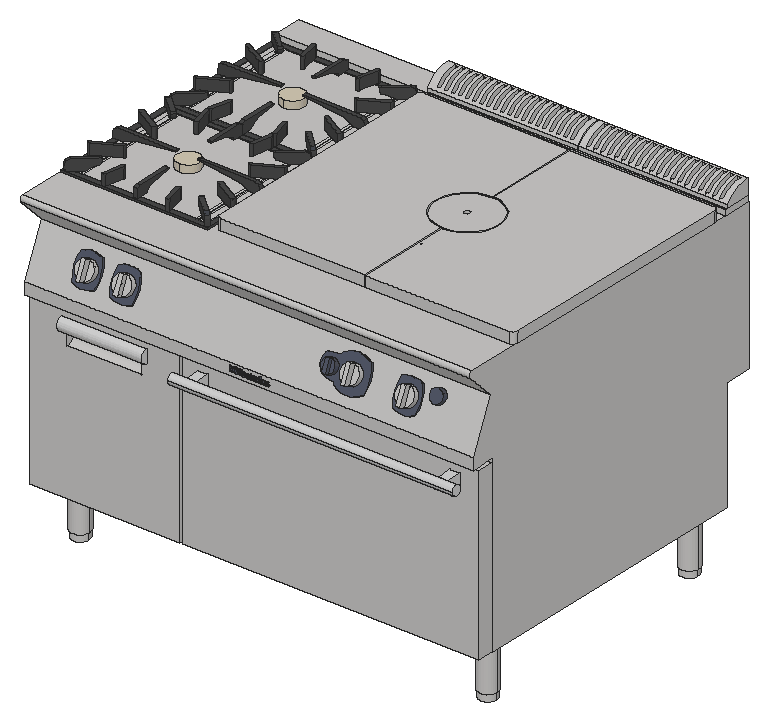
Revit family "QF_ELECTROLUXPROFESSIONAL_391021_E9STGL3010", category Specialty Equipment, Revit 2018 (continued)
Automatic sketch dimensions
  Revolve 4 sketch curve to plane 9 "Base" = 0 mm  (x2)
  Revolve 4 sketch curve to level = 0 mm
  Revolve 4 sketch curve to plane 4 "RIGHT" = 30.6 mm
  Revolve 4 sketch curve to Revolve 4 sketch curve = 2.5 mm
  Revolve 4 sketch curve to Revolve 4 sketch curve = 25.4 mm
  Revolve 4 sketch curve to Revolve 4 sketch curve = 0 mm
  plane 9 "Base" to Revolve 4 sketch curve = 20 mm
  level to Revolve 4 sketch curve = 19.05 mm
  Extrusion 5 sketch curve to plane 10 = 0 mm
  Extrusion 5 sketch curve to plane 9 "Base" = 0 mm
  Extrusion 5 sketch curve to plane 1 "BACK" = 0 mm
  Extrusion 5 sketch curve to plane 12 = 52.222 mm
  Extrusion 5 sketch curve to Extrusion 5 sketch curve = 3.175 mm
  Extrusion 5 sketch curve to Extrusion 5 sketch curve = 0.442 mm
  Extrusion 5 sketch curve to plane 12 = 58.266 mm
  Extrusion 5 sketch curve to plane 5 "FRONT" = 14.167 mm
  Extrusion 5 sketch curve to plane 5 "FRONT" = 8.63 mm
  Extrusion 5 sketch curve to plane 5 "FRONT" = 2.528 mm
  Extrusion 5 sketch curve to plane 10 = 240.721 mm
  Extrusion 5 sketch curve to Extrusion 5 sketch curve = 1.552 mm
  Extrusion 5 sketch curve to Extrusion 5 sketch curve = 31.298 mm
  Extrusion 5 sketch curve to plane 10 = 84.067 mm
  Extrusion 5 sketch curve to plane 10 = 14.732 mm
  Extrusion 6 sketch curve to Extrusion 5 = 0 mm  (x3)
  Extrusion 5 to Extrusion 6 sketch curve = 0 mm
  Extrusion 5 to Extrusion 6 sketch curve = 95.781 mm
  Extrusion 5 to Extrusion 6 sketch curve = 44.981 mm
  Extrusion 5 to Extrusion 6 sketch curve = 9.61 mm  (x2)
  Extrusion 5 to Extrusion 6 sketch curve = 100.253 mm
  Extrusion 6 sketch curve to Extrusion 6 sketch curve = 200.547 mm
  Extrusion 6 sketch curve to Extrusion 6 sketch curve = 99.7 mm
  Extrusion 6 sketch curve to Extrusion 6 sketch curve = 8 mm
  Extrusion 7 sketch curve to plane 10 = 0 mm
  Extrusion 7 sketch curve to plane 1 "BACK" = 0 mm
  plane 10 to Extrusion 7 sketch curve = 14.288 mm
  Extrusion 7 sketch curve to plane 11 = 49.8 mm
  Extrusion 9 sketch curve to plane 9 "Base" = 0 mm
  plane 5 "FRONT" to Extrusion 9 sketch curve = 378.871 mm
  Extrusion 9 sketch curve to plane 5 "FRONT" = 30.129 mm
  Extrusion 9 sketch curve to Extrusion 9 sketch curve = 44.603 mm
  plane 5 "FRONT" to Extrusion 10 sketch curve = 0 mm  (x2)
  Extrusion 10 sketch curve to plane 3 "LEFT" = 0 mm
  plane 1 "BACK" to Extrusion 10 sketch curve = 0 mm
  Extrusion 10 sketch curve to plane 4 "RIGHT" = 0 mm
  Extrusion 10 sketch curve to plane 3 "LEFT" = 100 mm
  plane 4 "RIGHT" to Extrusion 10 sketch curve = 100 mm
  Extrusion 10 sketch curve to plane 1 "BACK" = 100 mm
  plane 5 "FRONT" to Extrusion 11 sketch curve = 22.852 mm
  Extrusion 11 sketch curve to Extrusion 11 sketch curve = 0 mm  (x2)
  Extrusion 11 sketch curve to Extrusion 11 sketch curve = 1.139 mm
  Extrusion 11 sketch curve to Extrusion 11 sketch curve = 3.102 mm
  Extrusion 11 sketch curve to Extrusion 11 sketch curve = 4.033 mm
  Extrusion 11 sketch curve to Extrusion 11 sketch curve = 4.436 mm
  Extrusion 11 sketch curve to Extrusion 11 sketch curve = 5.898 mm
  plane 5 "FRONT" to Extrusion 11 sketch curve = 8.549 mm
  Extrusion 11 sketch curve to plane 5 "FRONT" = 30.129 mm
  Extrusion 11 sketch curve to plane 10 = 298.908 mm
  Extrusion 11 sketch curve to Extrusion 11 sketch curve = 3.343 mm
  Extrusion 11 sketch curve to Extrusion 11 sketch curve = 2.066 mm
  Extrusion 11 sketch curve to Extrusion 11 sketch curve = 5.312 mm
  Extrusion 11 sketch curve to Extrusion 11 sketch curve = 28.009 mm
  plane 5 "FRONT" to Extrusion 12 sketch curve = 22.852 mm
  Extrusion 12 sketch curve to Extrusion 12 sketch curve = 0 mm  (x2)
  Extrusion 12 sketch curve to Extrusion 12 sketch curve = 1.139 mm
  Extrusion 12 sketch curve to Extrusion 12 sketch curve = 3.102 mm
  Extrusion 12 sketch curve to Extrusion 12 sketch curve = 4.033 mm
  Extrusion 12 sketch curve to Extrusion 12 sketch curve = 4.436 mm
  Extrusion 12 sketch curve to Extrusion 12 sketch curve = 5.898 mm
  plane 5 "FRONT" to Extrusion 12 sketch curve = 8.549 mm
  Extrusion 12 sketch curve to plane 5 "FRONT" = 30.129 mm
  Extrusion 12 sketch curve to plane 10 = 270.899 mm
  Extrusion 12 sketch curve to Extrusion 12 sketch curve = 2.705 mm
  Extrusion 12 sketch curve to Extrusion 12 sketch curve = 5.987 mm
  Extrusion 12 sketch curve to Extrusion 12 sketch curve = 5.312 mm
  Extrusion 12 sketch curve to Extrusion 12 sketch curve = 28.009 mm
  plane 5 "FRONT" to Extrusion 13 sketch curve = 19.749 mm
  Extrusion 13 sketch curve to plane 10 = 279.591 mm
  Extrusion 14 sketch curve to plane 5 "FRONT" = 30.129 mm
  Extrusion 14 sketch curve to plane 10 = 302.451 mm
  Extrusion 14 sketch curve to Extrusion 14 sketch curve = 8.275 mm  (x2)
  Extrusion 14 sketch curve to Extrusion 14 sketch curve = 15.737 mm
  Extrusion 15 sketch curve to plane 5 "FRONT" = 27.352 mm
  Extrusion 15 sketch curve to Extrusion 15 sketch curve = 2.777 mm
  Extrusion 15 sketch curve to Extrusion 15 sketch curve = 24.63 mm
  Extrusion 15 sketch curve to Extrusion 15 sketch curve = 21.059 mm
  Extrusion 15 sketch curve to plane 10 = 334.95 mm
  Extrusion 15 sketch curve to Extrusion 15 sketch curve = 26.327 mm
  Extrusion 17 sketch curve to Extrusion 17 sketch curve = 0 mm  (x2)
  plane 13 to Extrusion 17 sketch curve = 66.129 mm
  Extrusion 17 sketch curve to Extrusion 17 sketch curve = 7 mm
  plane 7 "Center Y" to Extrusion 17 sketch curve = 202.6 mm
  Extrusion 18 sketch curve to plane 4 "RIGHT" = 227.404 mm
  Extrusion 18 sketch curve to Extrusion 18 sketch curve = 0 mm
  Extrusion 18 sketch curve to Extrusion 18 sketch curve = 12.3 mm  (x3)
  Extrusion 18 sketch curve to Extrusion 18 sketch curve = 34.925 mm  (x2)
  Extrusion 18 sketch curve to Extrusion 18 sketch curve = 46.691 mm
  Extrusion 18 sketch curve to Extrusion 18 sketch curve = 0.617 mm
  Extrusion 18 sketch curve to Extrusion 18 sketch curve = 28.57 mm
  Extrusion 18 sketch curve to Extrusion 18 sketch curve = 29.185 mm
  Extrusion 20 sketch curve to Extrusion 20 sketch curve = 24.732 mm
  Extrusion 20 sketch curve to Extrusion 20 sketch curve = 0 mm
  Extrusion 21 sketch curve to plane 4 "RIGHT" = 122.817 mm
  Extrusion 22 sketch curve to Extrusion 22 sketch curve = 0 mm  (x2)
  plane 7 "Center Y" to Extrusion 22 sketch curve = 223.359 mm
  Extrusion 22 sketch curve to Extrusion 22 sketch curve = 112.63 mm
  Extrusion 22 sketch curve to Extrusion 22 sketch curve = 1.398 mm
  Extrusion 22 sketch curve to Extrusion 22 sketch curve = 5.918 mm
  Extrusion 22 sketch curve to Extrusion 22 sketch curve = 7.825 mm
  Extrusion 22 sketch curve to Extrusion 22 sketch curve = 12.433 mm
  Extrusion 22 sketch curve to Extrusion 22 sketch curve = 33.329 mm
  Extrusion 22 sketch curve to Extrusion 22 sketch curve = 28.808 mm
  Extrusion 22 sketch curve to Extrusion 22 sketch curve = 2.986 mm
  Extrusion 22 sketch curve to Extrusion 22 sketch curve = 35.441 mm
  Extrusion 22 sketch curve to Extrusion 22 sketch curve = 23.969 mm
  Extrusion 22 sketch curve to Extrusion 22 sketch curve = 31.993 mm
  Extrusion 22 sketch curve to Extrusion 22 sketch curve = 0.131 mm
  Extrusion 22 sketch curve to Extrusion 22 sketch curve = 36.738 mm
  Extrusion 22 sketch curve to Extrusion 22 sketch curve = 6.105 mm
  Extrusion 22 sketch curve to Extrusion 22 sketch curve = 30.968 mm
  Extrusion 22 sketch curve to Extrusion 22 sketch curve = 0.002 mm
  Extrusion 22 sketch curve to Extrusion 22 sketch curve = 38.412 mm
  Extrusion 22 sketch curve to Extrusion 22 sketch curve = 39.831 mm
  Extrusion 22 sketch curve to Extrusion 22 sketch curve = 6.427 mm
  Extrusion 22 sketch curve to Extrusion 22 sketch curve = 11.842 mm
  Extrusion 24 sketch curve to Extrusion 24 sketch curve = 24.732 mm
  Extrusion 24 sketch curve to Extrusion 24 sketch curve = 0 mm
  Extrusion 26 sketch curve to Extrusion 26 sketch curve = 0 mm
  Extrusion 26 sketch curve to Extrusion 26 sketch curve = 7.232 mm  (x3)
  Extrusion 26 sketch curve to Extrusion 26 sketch curve = 17.5 mm
  Extrusion 26 sketch curve to Extrusion 26 sketch curve = 5.786 mm
  plane 3 "LEFT" to Extrusion 27 sketch curve = 117.596 mm
  Extrusion 27 sketch curve to Extrusion 27 sketch curve = 0 mm
  Extrusion 27 sketch curve to Extrusion 27 sketch curve = 12.3 mm  (x3)
  Extrusion 27 sketch curve to Extrusion 27 sketch curve = 34.925 mm  (x2)
  Extrusion 27 sketch curve to Extrusion 27 sketch curve = 46.691 mm
  Extrusion 27 sketch curve to Extrusion 27 sketch curve = 0.617 mm
  Extrusion 27 sketch curve to Extrusion 27 sketch curve = 28.57 mm
  Extrusion 27 sketch curve to Extrusion 27 sketch curve = 29.185 mm
  Extrusion 29 sketch curve to Extrusion 29 sketch curve = 24.732 mm
  Extrusion 29 sketch curve to Extrusion 29 sketch curve = 0 mm
  plane 3 "LEFT" to Extrusion 30 sketch curve = 217.596 mm
  Extrusion 30 sketch curve to Extrusion 30 sketch curve = 0 mm
  Extrusion 30 sketch curve to Extrusion 30 sketch curve = 12.3 mm  (x3)
  Extrusion 30 sketch curve to Extrusion 30 sketch curve = 34.925 mm  (x2)
  Extrusion 30 sketch curve to Extrusion 30 sketch curve = 46.691 mm
  Extrusion 30 sketch curve to Extrusion 30 sketch curve = 0.617 mm
  Extrusion 30 sketch curve to Extrusion 30 sketch curve = 28.57 mm
  Extrusion 30 sketch curve to Extrusion 30 sketch curve = 29.185 mm
  Extrusion 32 sketch curve to Extrusion 32 sketch curve = 24.732 mm
  Extrusion 32 sketch curve to Extrusion 32 sketch curve = 0 mm
  Extrusion 33 sketch curve to plane 4 "RIGHT" = 14.847 mm
  Extrusion 33 sketch curve to Extrusion 33 sketch curve = 9.296 mm  (x20)
  Extrusion 33 sketch curve to Extrusion 33 sketch curve = 9.397 mm  (x19)
  plane 1 "BACK" to Extrusion 33 sketch curve = 6.761 mm  (x20)
  Extrusion 33 sketch curve to Extrusion 33 sketch curve = 57.15 mm
  Extrusion 33 sketch curve to Extrusion 33 sketch curve = 0 mm  (x19)
  Extrusion 34 sketch curve to plane 1 "BACK" = 0 mm
  Extrusion 34 sketch curve to plane 6 "TOP" = 0 mm
  plane 1 "BACK" to Extrusion 34 sketch curve = 1.769 mm
  plane 10 to Extrusion 34 sketch curve = 23.813 mm
  plane 1 "BACK" to Extrusion 34 sketch curve = 69.85 mm
  plane 10 to Extrusion 34 sketch curve = 14.288 mm
  plane 7 "Center Y" to Extrusion 35 sketch curve = 21.292 mm
  Extrusion 35 sketch curve to plane 10 = 235.567 mm
  Extrusion 35 sketch curve to plane 7 "Center Y" = 13.807 mm
  Extrusion 35 sketch curve to Extrusion 35 sketch curve = 5.041 mm
  plane 7 "Center Y" to Extrusion 35 sketch curve = 5.969 mm
  Extrusion 35 sketch curve to Extrusion 35 sketch curve = 5.06 mm
  Extrusion 35 sketch curve to Extrusion 35 sketch curve = 0 mm  (x27)
  Extrusion 35 sketch curve to Extrusion 35 sketch curve = 5.108 mm  (x2)
  Extrusion 35 sketch curve to Extrusion 35 sketch curve = 0.054 mm
  Extrusion 35 sketch curve to Extrusion 35 sketch curve = 0.218 mm
  Extrusion 35 sketch curve to Extrusion 35 sketch curve = 0.195 mm
  Extrusion 35 sketch curve to Extrusion 35 sketch curve = 0.249 mm
  Extrusion 35 sketch curve to Extrusion 35 sketch curve = 0.316 mm
  Extrusion 35 sketch curve to Extrusion 35 sketch curve = 0.087 mm
  Extrusion 35 sketch curve to Extrusion 35 sketch curve = 0.358 mm
  Extrusion 35 sketch curve to Extrusion 35 sketch curve = 0.481 mm
  Extrusion 35 sketch curve to Extrusion 35 sketch curve = 0.597 mm
  Extrusion 35 sketch curve to Extrusion 35 sketch curve = 0.544 mm
  Extrusion 35 sketch curve to Extrusion 35 sketch curve = 0.936 mm
  Extrusion 35 sketch curve to Extrusion 35 sketch curve = 0.594 mm
  Extrusion 35 sketch curve to Extrusion 35 sketch curve = 0.343 mm
  Extrusion 35 sketch curve to Extrusion 35 sketch curve = 0.159 mm
  Extrusion 35 sketch curve to Extrusion 35 sketch curve = 0.826 mm
  Extrusion 35 sketch curve to Extrusion 35 sketch curve = 0.839 mm
  Extrusion 35 sketch curve to Extrusion 35 sketch curve = 0.852 mm
  Extrusion 35 sketch curve to Extrusion 35 sketch curve = 0.887 mm
  Extrusion 35 sketch curve to Extrusion 35 sketch curve = 0.928 mm
  Extrusion 35 sketch curve to Extrusion 35 sketch curve = 0.938 mm
  Extrusion 35 sketch curve to Extrusion 35 sketch curve = 0.444 mm
  Extrusion 35 sketch curve to Extrusion 35 sketch curve = 1.11 mm  (x3)
  plane 7 "Center Y" to Extrusion 35 sketch curve = 43.726 mm
  Extrusion 35 sketch curve to Extrusion 35 sketch curve = 0.215 mm
  plane 7 "Center Y" to Extrusion 35 sketch curve = 0.332 mm
  Extrusion 35 sketch curve to Extrusion 35 sketch curve = 1.43 mm
  Extrusion 35 sketch curve to Extrusion 35 sketch curve = 1.188 mm
  Extrusion 35 sketch curve to Extrusion 35 sketch curve = 1.21 mm  (x2)
  Extrusion 35 sketch curve to Extrusion 35 sketch curve = 0.503 mm
  plane 7 "Center Y" to Extrusion 35 sketch curve = 48.995 mm
  Extrusion 35 sketch curve to Extrusion 35 sketch curve = 0.488 mm
  plane 7 "Center Y" to Extrusion 35 sketch curve = 52.922 mm
  Extrusion 35 sketch curve to Extrusion 35 sketch curve = 0.462 mm
  Extrusion 35 sketch curve to Extrusion 35 sketch curve = 1.386 mm
  Extrusion 35 sketch curve to Extrusion 35 sketch curve = 1.742 mm
  Extrusion 35 sketch curve to Extrusion 35 sketch curve = 0.821 mm
  Extrusion 35 sketch curve to Extrusion 35 sketch curve = 0.497 mm
  Extrusion 35 sketch curve to Extrusion 35 sketch curve = 0.539 mm
  Extrusion 35 sketch curve to Extrusion 35 sketch curve = 0.686 mm
  Extrusion 35 sketch curve to plane 7 "Center Y" = 0.042 mm
  Extrusion 35 sketch curve to Extrusion 35 sketch curve = 0.408 mm
  Extrusion 35 sketch curve to Extrusion 35 sketch curve = 0.743 mm
  Extrusion 35 sketch curve to Extrusion 35 sketch curve = 1.16 mm
  Extrusion 35 sketch curve to Extrusion 35 sketch curve = 0.329 mm
  Extrusion 35 sketch curve to Extrusion 35 sketch curve = 1.054 mm
  Extrusion 35 sketch curve to Extrusion 35 sketch curve = 1.056 mm
  Extrusion 35 sketch curve to Extrusion 35 sketch curve = 0.129 mm
  Extrusion 35 sketch curve to Extrusion 35 sketch curve = 0.489 mm
  Extrusion 35 sketch curve to plane 7 "Center Y" = 0.376 mm
  Extrusion 35 sketch curve to Extrusion 35 sketch curve = 0.441 mm
  Extrusion 35 sketch curve to Extrusion 35 sketch curve = 1.151 mm
  Extrusion 35 sketch curve to Extrusion 35 sketch curve = 1.141 mm  (x2)
  Extrusion 35 sketch curve to Extrusion 35 sketch curve = 0.768 mm
  Extrusion 35 sketch curve to Extrusion 35 sketch curve = 1.653 mm
  Extrusion 35 sketch curve to Extrusion 35 sketch curve = 0.499 mm
  Extrusion 35 sketch curve to Extrusion 35 sketch curve = 0.964 mm
  Extrusion 35 sketch curve to Extrusion 35 sketch curve = 0.949 mm
  Extrusion 35 sketch curve to Extrusion 35 sketch curve = 1.345 mm  (x3)
  Extrusion 35 sketch curve to Extrusion 35 sketch curve = 1.101 mm
  Extrusion 35 sketch curve to Extrusion 35 sketch curve = 0.432 mm
  Extrusion 35 sketch curve to Extrusion 35 sketch curve = 1.142 mm
  Extrusion 35 sketch curve to Extrusion 35 sketch curve = 0.959 mm
  Extrusion 35 sketch curve to Extrusion 35 sketch curve = 0.176 mm
  Extrusion 35 sketch curve to Extrusion 35 sketch curve = 0.728 mm
  Extrusion 35 sketch curve to Extrusion 35 sketch curve = 3.375 mm  (x2)
  Extrusion 35 sketch curve to Extrusion 35 sketch curve = 0.541 mm
  Extrusion 35 sketch curve to Extrusion 35 sketch curve = 0.955 mm
  Extrusion 35 sketch curve to Extrusion 35 sketch curve = 1.251 mm
  Extrusion 35 sketch curve to Extrusion 35 sketch curve = 0.572 mm
  plane 7 "Center Y" to Extrusion 35 sketch curve = 47.619 mm
  Extrusion 35 sketch curve to Extrusion 35 sketch curve = 1.92 mm
  Extrusion 35 sketch curve to Extrusion 35 sketch curve = 1.224 mm
  Extrusion 35 sketch curve to Extrusion 35 sketch curve = 0.745 mm
  Extrusion 35 sketch curve to Extrusion 35 sketch curve = 0.036 mm
  Extrusion 35 sketch curve to Extrusion 35 sketch curve = 0.896 mm  (x3)
  Extrusion 35 sketch curve to Extrusion 35 sketch curve = 2.607 mm
  Extrusion 35 sketch curve to Extrusion 35 sketch curve = 0.066 mm
  Extrusion 35 sketch curve to Extrusion 35 sketch curve = 0.248 mm
  Extrusion 35 sketch curve to Extrusion 35 sketch curve = 0.449 mm
  plane 7 "Center Y" to Extrusion 35 sketch curve = 46.838 mm
  Extrusion 35 sketch curve to Extrusion 35 sketch curve = 1.052 mm
  Extrusion 35 sketch curve to Extrusion 35 sketch curve = 1.863 mm
  Extrusion 35 sketch curve to Extrusion 35 sketch curve = 1.31 mm  (x2)
  Extrusion 35 sketch curve to Extrusion 35 sketch curve = 0.901 mm
  Extrusion 35 sketch curve to Extrusion 35 sketch curve = 1.107 mm
  Extrusion 35 sketch curve to Extrusion 35 sketch curve = 2.122 mm
  Extrusion 35 sketch curve to Extrusion 35 sketch curve = 2.101 mm
  Extrusion 35 sketch curve to Extrusion 35 sketch curve = 0.106 mm
  Extrusion 35 sketch curve to Extrusion 35 sketch curve = 0.029 mm
  plane 7 "Center Y" to Extrusion 35 sketch curve = 49.641 mm
  Extrusion 35 sketch curve to Extrusion 35 sketch curve = 2.09 mm
  Extrusion 35 sketch curve to Extrusion 35 sketch curve = 1.279 mm
  Extrusion 35 sketch curve to Extrusion 35 sketch curve = 2.008 mm
  Extrusion 35 sketch curve to Extrusion 35 sketch curve = 0.738 mm
  Extrusion 35 sketch curve to Extrusion 35 sketch curve = 0.382 mm
  Extrusion 35 sketch curve to Extrusion 35 sketch curve = 0.384 mm
  Extrusion 35 sketch curve to Extrusion 35 sketch curve = 0.002 mm
  Extrusion 35 sketch curve to Extrusion 35 sketch curve = 0.561 mm
  Extrusion 35 sketch curve to Extrusion 35 sketch curve = 0.592 mm
  Extrusion 35 sketch curve to Extrusion 35 sketch curve = 2.692 mm
  Extrusion 35 sketch curve to Extrusion 35 sketch curve = 1.259 mm
  plane 7 "Center Y" to Extrusion 35 sketch curve = 48.858 mm
  Extrusion 35 sketch curve to Extrusion 35 sketch curve = 0.802 mm
  Extrusion 35 sketch curve to Extrusion 35 sketch curve = 1.024 mm
  Extrusion 35 sketch curve to Extrusion 35 sketch curve = 0.682 mm
  Extrusion 35 sketch curve to Extrusion 35 sketch curve = 5.934 mm
  Extrusion 35 sketch curve to Extrusion 35 sketch curve = 2.186 mm
  Extrusion 35 sketch curve to Extrusion 35 sketch curve = 0.337 mm
  Extrusion 35 sketch curve to Extrusion 35 sketch curve = 0.021 mm
  Extrusion 35 sketch curve to Extrusion 35 sketch curve = 1.005 mm
  Extrusion 35 sketch curve to Extrusion 35 sketch curve = 0.552 mm
  Extrusion 35 sketch curve to Extrusion 35 sketch curve = 0.778 mm
  Extrusion 35 sketch curve to Extrusion 35 sketch curve = 0.063 mm
  Extrusion 35 sketch curve to Extrusion 35 sketch curve = 1.023 mm
  Extrusion 35 sketch curve to Extrusion 35 sketch curve = 3.804 mm
  Extrusion 35 sketch curve to Extrusion 35 sketch curve = 0.486 mm
  Extrusion 35 sketch curve to Extrusion 35 sketch curve = 0.266 mm
  Extrusion 35 sketch curve to plane 7 "Center Y" = 0.787 mm
  Extrusion 35 sketch curve to Extrusion 35 sketch curve = 1.547 mm
  Extrusion 35 sketch curve to Extrusion 35 sketch curve = 0.717 mm  (x2)
  Extrusion 35 sketch curve to Extrusion 35 sketch curve = 1.667 mm
  plane 7 "Center Y" to Extrusion 35 sketch curve = 44.532 mm
  Extrusion 35 sketch curve to Extrusion 35 sketch curve = 3.174 mm
  plane 7 "Center Y" to Extrusion 35 sketch curve = 0.368 mm
  Extrusion 35 sketch curve to Extrusion 35 sketch curve = 0.388 mm
  Extrusion 35 sketch curve to Extrusion 35 sketch curve = 1.342 mm
  plane 7 "Center Y" to Extrusion 35 sketch curve = 50.135 mm
  Extrusion 35 sketch curve to Extrusion 35 sketch curve = 1.521 mm
  plane 7 "Center Y" to Extrusion 35 sketch curve = 51.694 mm
  Extrusion 35 sketch curve to Extrusion 35 sketch curve = 0.124 mm
  Extrusion 35 sketch curve to Extrusion 35 sketch curve = 0.291 mm
  plane 7 "Center Y" to Extrusion 35 sketch curve = 7.285 mm
  Extrusion 35 sketch curve to Extrusion 35 sketch curve = 1.049 mm  (x2)
  plane 7 "Center Y" to Extrusion 35 sketch curve = 47.668 mm
  Extrusion 35 sketch curve to Extrusion 35 sketch curve = 1.7 mm
  Extrusion 35 sketch curve to Extrusion 35 sketch curve = 0.894 mm
  Extrusion 35 sketch curve to Extrusion 35 sketch curve = 0.989 mm
  Extrusion 35 sketch curve to Extrusion 35 sketch curve = 1.168 mm
  Extrusion 35 sketch curve to Extrusion 35 sketch curve = 1.594 mm
  Extrusion 35 sketch curve to Extrusion 35 sketch curve = 0.731 mm
  Extrusion 35 sketch curve to Extrusion 35 sketch curve = 1.566 mm
  Extrusion 35 sketch curve to Extrusion 35 sketch curve = 0.064 mm
  plane 7 "Center Y" to Extrusion 35 sketch curve = 7.842 mm
  Extrusion 35 sketch curve to Extrusion 35 sketch curve = 0.556 mm
  Extrusion 35 sketch curve to Extrusion 35 sketch curve = 0.48 mm
  Extrusion 35 sketch curve to Extrusion 35 sketch curve = 0.228 mm
  Extrusion 35 sketch curve to Extrusion 35 sketch curve = 1.018 mm
  plane 7 "Center Y" to Extrusion 35 sketch curve = 37.429 mm
  Extrusion 35 sketch curve to Extrusion 35 sketch curve = 0.787 mm
  Extrusion 35 sketch curve to Extrusion 35 sketch curve = 0.618 mm
  plane 7 "Center Y" to Extrusion 35 sketch curve = 42.486 mm
  Extrusion 35 sketch curve to Extrusion 35 sketch curve = 1.672 mm
  plane 7 "Center Y" to Extrusion 35 sketch curve = 53.436 mm
  Extrusion 35 sketch curve to Extrusion 35 sketch curve = 1.361 mm
  Extrusion 35 sketch curve to Extrusion 35 sketch curve = 0.822 mm
  Extrusion 35 sketch curve to Extrusion 35 sketch curve = 0.069 mm
  Extrusion 35 sketch curve to Extrusion 35 sketch curve = 1.88 mm
  plane 7 "Center Y" to Extrusion 35 sketch curve = 35.269 mm
  Extrusion 35 sketch curve to Extrusion 35 sketch curve = 0.42 mm
  Extrusion 35 sketch curve to Extrusion 35 sketch curve = 0.062 mm
  Extrusion 35 sketch curve to Extrusion 35 sketch curve = 1.355 mm
  Extrusion 35 sketch curve to Extrusion 35 sketch curve = 2.34 mm
  Extrusion 35 sketch curve to Extrusion 35 sketch curve = 0.493 mm
  Extrusion 35 sketch curve to Extrusion 35 sketch curve = 0.136 mm
  Extrusion 35 sketch curve to Extrusion 35 sketch curve = 0.128 mm
  Extrusion 35 sketch curve to Extrusion 35 sketch curve = 3.616 mm
  Extrusion 35 sketch curve to Extrusion 35 sketch curve = 4.207 mm
  Extrusion 35 sketch curve to Extrusion 35 sketch curve = 0.183 mm
  Extrusion 35 sketch curve to Extrusion 35 sketch curve = 0.895 mm
  Extrusion 35 sketch curve to Extrusion 35 sketch curve = 1.314 mm
  Extrusion 35 sketch curve to Extrusion 35 sketch curve = 3.231 mm
  Extrusion 35 sketch curve to plane 7 "Center Y" = 23.526 mm
  Extrusion 35 sketch curve to Extrusion 35 sketch curve = 1.299 mm
  Extrusion 35 sketch curve to Extrusion 35 sketch curve = 1.214 mm
  plane 7 "Center Y" to Extrusion 35 sketch curve = 26.369 mm
  Extrusion 35 sketch curve to Extrusion 35 sketch curve = 1.264 mm
  Extrusion 35 sketch curve to Extrusion 35 sketch curve = 0.109 mm
  Extrusion 35 sketch curve to Extrusion 35 sketch curve = 0.357 mm
  Extrusion 35 sketch curve to Extrusion 35 sketch curve = 0.565 mm
  Extrusion 35 sketch curve to Extrusion 35 sketch curve = 2.504 mm
  Extrusion 35 sketch curve to Extrusion 35 sketch curve = 2.459 mm
  Extrusion 35 sketch curve to Extrusion 35 sketch curve = 0.983 mm
  Extrusion 35 sketch curve to Extrusion 35 sketch curve = 0.422 mm  (x2)
  Extrusion 35 sketch curve to Extrusion 35 sketch curve = 1.268 mm
  Extrusion 35 sketch curve to Extrusion 35 sketch curve = 0.671 mm
  Extrusion 35 sketch curve to Extrusion 35 sketch curve = 1.634 mm
  Extrusion 35 sketch curve to Extrusion 35 sketch curve = 0.132 mm
  Extrusion 35 sketch curve to Extrusion 35 sketch curve = 0.586 mm
  Extrusion 35 sketch curve to Extrusion 35 sketch curve = 1.241 mm
  Extrusion 35 sketch curve to Extrusion 35 sketch curve = 1.689 mm
  Extrusion 35 sketch curve to Extrusion 35 sketch curve = 0.627 mm
  Extrusion 35 sketch curve to Extrusion 35 sketch curve = 0.419 mm
  Extrusion 35 sketch curve to Extrusion 35 sketch curve = 1.514 mm
  Extrusion 35 sketch curve to Extrusion 35 sketch curve = 1.019 mm
  Extrusion 35 sketch curve to Extrusion 35 sketch curve = 0.065 mm
  Extrusion 35 sketch curve to Extrusion 35 sketch curve = 1.215 mm
  Extrusion 35 sketch curve to Extrusion 35 sketch curve = 1.122 mm
  Extrusion 35 sketch curve to Extrusion 35 sketch curve = 1.153 mm
  Extrusion 35 sketch curve to Extrusion 35 sketch curve = 1.223 mm
  Extrusion 35 sketch curve to Extrusion 35 sketch curve = 0.934 mm
  Extrusion 35 sketch curve to Extrusion 35 sketch curve = 3.376 mm
  Extrusion 35 sketch curve to Extrusion 35 sketch curve = 0.222 mm
  Extrusion 35 sketch curve to Extrusion 35 sketch curve = 1.383 mm
  Extrusion 35 sketch curve to Extrusion 35 sketch curve = 1.556 mm
  Extrusion 35 sketch curve to Extrusion 35 sketch curve = 2.559 mm
  Extrusion 35 sketch curve to Extrusion 35 sketch curve = 2.51 mm
  Extrusion 35 sketch curve to Extrusion 35 sketch curve = 0.131 mm
  Extrusion 35 sketch curve to Extrusion 35 sketch curve = 1.134 mm
  Extrusion 35 sketch curve to Extrusion 35 sketch curve = 0.094 mm
  Extrusion 35 sketch curve to Extrusion 35 sketch curve = 1.584 mm
  Extrusion 35 sketch curve to Extrusion 35 sketch curve = 0.27 mm
  Extrusion 35 sketch curve to Extrusion 35 sketch curve = 0.916 mm
  Extrusion 35 sketch curve to Extrusion 35 sketch curve = 0.352 mm
  Extrusion 35 sketch curve to Extrusion 35 sketch curve = 0.458 mm
  Extrusion 35 sketch curve to Extrusion 35 sketch curve = 1.282 mm
  Extrusion 35 sketch curve to Extrusion 35 sketch curve = 1.363 mm
  Extrusion 35 sketch curve to Extrusion 35 sketch curve = 0.685 mm
  Extrusion 35 sketch curve to Extrusion 35 sketch curve = 0.905 mm
  Extrusion 35 sketch curve to Extrusion 35 sketch curve = 1.477 mm
  Extrusion 35 sketch curve to Extrusion 35 sketch curve = 0.472 mm
  Extrusion 35 sketch curve to Extrusion 35 sketch curve = 0.101 mm
  Extrusion 35 sketch curve to Extrusion 35 sketch curve = 0.54 mm
  Extrusion 35 sketch curve to Extrusion 35 sketch curve = 0.02 mm
  Extrusion 35 sketch curve to Extrusion 35 sketch curve = 0.829 mm
  Extrusion 35 sketch curve to Extrusion 35 sketch curve = 0.582 mm
  Extrusion 35 sketch curve to Extrusion 35 sketch curve = 0.166 mm
  Extrusion 35 sketch curve to Extrusion 35 sketch curve = 0.16 mm
  Extrusion 35 sketch curve to Extrusion 35 sketch curve = 1.118 mm
  Extrusion 35 sketch curve to Extrusion 35 sketch curve = 0.613 mm
  Extrusion 35 sketch curve to Extrusion 35 sketch curve = 0.781 mm
  Extrusion 35 sketch curve to Extrusion 35 sketch curve = 0.361 mm
  Extrusion 35 sketch curve to Extrusion 35 sketch curve = 0.897 mm
  Extrusion 35 sketch curve to Extrusion 35 sketch curve = 0.167 mm
  Extrusion 35 sketch curve to Extrusion 35 sketch curve = 0.292 mm
  Extrusion 35 sketch curve to Extrusion 35 sketch curve = 0.305 mm
  Extrusion 35 sketch curve to Extrusion 35 sketch curve = 1.557 mm
  Extrusion 35 sketch curve to Extrusion 35 sketch curve = 2.499 mm
  Extrusion 35 sketch curve to Extrusion 35 sketch curve = 3.062 mm
  Extrusion 35 sketch curve to Extrusion 35 sketch curve = 2.968 mm
  Extrusion 35 sketch curve to Extrusion 35 sketch curve = 5.044 mm
  Extrusion 35 sketch curve to Extrusion 35 sketch curve = 0.629 mm  (x2)
  Extrusion 35 sketch curve to Extrusion 35 sketch curve = 1.131 mm
  Extrusion 35 sketch curve to Extrusion 35 sketch curve = 0.137 mm
  Extrusion 35 sketch curve to Extrusion 35 sketch curve = 0.027 mm
  Extrusion 35 sketch curve to Extrusion 35 sketch curve = 2.046 mm
  Extrusion 35 sketch curve to Extrusion 35 sketch curve = 2.235 mm
  Extrusion 36 sketch curve to Extrusion 5 = 43 mm
  Extrusion 36 sketch curve to Extrusion 5 = 276.093 mm
  Extrusion 37 sketch curve to plane 11 = 62.089 mm  (x2)
  plane 7 "Center Y" to Extrusion 37 sketch curve = 185.153 mm
  Extrusion 37 sketch curve to Extrusion 37 sketch curve = 9.296 mm  (x19)
  Extrusion 37 sketch curve to Extrusion 37 sketch curve = 9.397 mm  (x18)
  plane 7 "Center Y" to Extrusion 37 sketch curve = 7.624 mm
  Extrusion 37 sketch curve to plane 7 "Center Y" = 1.773 mm
  Extrusion 37 sketch curve to Extrusion 37 sketch curve = 0 mm  (x18)
  plane 1 "BACK" to Extrusion 37 sketch curve = 6.761 mm  (x20)
  Extrusion 38 sketch curve to plane 1 "BACK" = 0 mm
  Extrusion 38 sketch curve to plane 6 "TOP" = 0 mm
  plane 1 "BACK" to Extrusion 38 sketch curve = 1.769 mm
  plane 10 to Extrusion 38 sketch curve = 23.813 mm
  plane 1 "BACK" to Extrusion 38 sketch curve = 69.85 mm
  plane 10 to Extrusion 38 sketch curve = 14.288 mm
  curve 174 to curve 100 = 5.939 mm
  Extrusion 16 sketch curve to Extrusion 16 sketch curve = 0 mm  (x5)
  Extrusion 16 sketch curve to plane 11 = 26 mm
  Extrusion 16 sketch curve to plane 11 = 13.3 mm  (x2)
  plane 8 "Center X" to Extrusion 16 sketch curve = 109.886 mm
  Extrusion 16 sketch curve to Extrusion 16 sketch curve = 0.006 mm
  plane 8 "Center X" to Extrusion 16 sketch curve = 24.4 mm
  Extrusion 16 sketch curve to Extrusion 16 sketch curve = 0.001 mm
  Extrusion 16 sketch curve to plane 8 "Center X" = 61.076 mm
  Extrusion 16 sketch curve to Extrusion 16 sketch curve = 0.017 mm
  plane 12 to Extrusion 16 sketch curve = 31.371 mm  (x2)
  plane 12 to Extrusion 16 sketch curve = 18.671 mm
  plane 7 "Center Y" to Extrusion 16 sketch curve = 204.128 mm
  Extrusion 16 sketch curve to Extrusion 16 sketch curve = 0.481 mm
  Extrusion 16 sketch curve to Extrusion 16 sketch curve = 0.324 mm
  Extrusion 16 sketch curve to Extrusion 16 sketch curve = 0.04 mm
  Extrusion 16 sketch curve to Extrusion 16 sketch curve = 2.956 mm
  Extrusion 16 sketch curve to plane 7 "Center Y" = 183.6 mm
  Extrusion 16 sketch curve to plane 4 "RIGHT" = 0 mm
  plane 12 to curve 114 = 31.371 mm
  radius of Extrusion 8 sketch curve = 6.4 mm
  radius of Extrusion 13 sketch curve = 12.7 mm
  radius of Extrusion 19 sketch curve = 25.4 mm
  radius of Extrusion 20 sketch curve to Extrusion 19 = 0 mm  (x2)
  radius of Extrusion 21 sketch curve = 17.78 mm
  radius of Extrusion 23 sketch curve = 25.4 mm
  radius of Extrusion 24 sketch curve to Extrusion 23 = 0 mm  (x2)
  radius of Extrusion 25 sketch curve = 18.37 mm
  radius of Extrusion 28 sketch curve = 25.4 mm
  radius of Extrusion 29 sketch curve to Extrusion 28 = 0 mm  (x2)
  radius of Extrusion 31 sketch curve = 25.4 mm
  radius of Extrusion 32 sketch curve to Extrusion 31 = 0 mm  (x2)
  radius of Extrusion 36 sketch curve = 12.7 mm
  radius of Extrusion 16 sketch curve = 82.6 mm
  radius of Extrusion 16 sketch curve = 7 mm
Nested families
  nested 1: "371009_BURNER" at (0, -440.6, 0), type "371009_BURNER"
    with Type Mark "", Status "", Specification by User "", Revision Code "", Item Number "", Installed By "", Identify Quantity as Lot yes, Furnished By "", Foodservice Equipment Identifier yes
  nested 2: "371009_BURNER" at (0, -440.6, 0), type "371009_BURNER"
    with Type Mark "", Status "", Specification by User "", Revision Code "", Item Number "", Installed By "", Identify Quantity as Lot yes, Furnished By "", Foodservice Equipment Identifier yes
Connectors
  piping at (1148, -664, 129), diameter 12.8
    settings: on Extrusion 8, index 1, connector inside diameter 0.50394", connector length 0 mm, flow factor 0, pipe flow 0 GPM, pressure drop 0.00 psi, fitting loss kfactor 0, connector angle 0.00°, fixture units 0, engagement length 0 mm, angle of deflection 0.00°, flow configuration 1, flow direction 1, fitting loss method 0, system type 7, joint type 0, gender type 0, connector reference index -1, connector utility 0, adjustable connector no, is connector primary yes, connector description "GAS CONNECTION"
Definition of nested family "371009_BURNER"
  Parameters
    Weight in Pounds = 0
    URL Cutsheet = ""
    URL = "www.electrolux.com"
    Type Mark [instance] = ""
    Status [instance] = ""
    Specification by User [instance] = ""
    Specification by Manufacturer = ""
    Show Clearance [instance] = yes
    Serial Number = ""
    Seismic Rating = ""
    SMACNA No = ""
    Revision Code [instance] = ""
    Omniclass Number and Title = ""
    NAFEM Spec ID Number = ""
    Model = "371009"
    Masterspec = ""
    Manufacturer = "ELECTROLUX"
    Item Number [instance] = ""
    Installed By [instance] = ""
    Identify Quantity as Lot [instance] = yes
    Furnished By [instance] = ""
    Foodservice Equipment Identifier [instance] = yes
    Description = ""
    CSI MasterFormat = ""
    CSI Master Format = ""
  Reference planes
    plane 1 "BACK": y = 0
    plane 2: z = 0
    plane 3 "LEFT": x = 0
    plane 4 "RIGHT": x = 393.7
    plane 5 "FRONT": y = -355.6
    plane 6 "TOP": z = 908.85
    plane 7 "Center Y": x = 196.85
    plane 8 "Center X": y = -177.8
    plane 9 "Base": z = 150
    plane 10: z = 850.85
  Forms (mm)
    Extrusion 1, solid
      sketch origin (-6.433, -404.961, 5) x (1, 0, 0) y (0, 0, -1)
        loop
          arc (7.142, -850.85) -> (6.739, -862.989) -> (9.761, -874.752) r 42.809
          line (9.761, -874.752) -> (19.961, -879.425) -> (173.122, -879.425)
          arc (173.122, -879.425) -> (174.316, -878.312) -> (173.289, -877.043) r 1.197
          line (173.289, -877.043) -> (64.848, -864.021)
          arc (64.848, -864.021) -> (50.111, -858.738) -> (36.589, -850.85) r 85.245
          line (36.589, -850.85) -> (7.142, -850.85)
        loop
          line (399.424, -850.85) -> (369.977, -850.85)
          arc (369.977, -850.85) -> (356.455, -858.738) -> (341.718, -864.021) r 85.245
          line (341.718, -864.021) -> (233.277, -877.043)
          arc (233.277, -877.043) -> (232.25, -878.312) -> (233.444, -879.425) r 1.197
          line (233.444, -879.425) -> (386.605, -879.425) -> (396.806, -874.752)
          arc (396.806, -874.752) -> (399.827, -862.989) -> (399.424, -850.85) r 42.809
      from 224.564 to 234.564
    Extrusion 2, solid
      sketch origin (196.85, 175.397, 1219.2) x (0, 1, 0) y (0, 0, 1)
        loop
          line (-204.463, -363.35) -> (-175.397, -363.35) -> (-175.397, -339.506)
          arc (-175.397, -339.506) -> (-181.025, -338.266) -> (-185.611, -334.775) r 13.39
          line (-185.611, -334.775) -> (-278.903, -334.775)
          arc (-278.903, -334.775) -> (-280.097, -335.888) -> (-279.07, -337.157) r 1.197
          line (-279.07, -337.157) -> (-227.151, -347.464)
          arc (-227.151, -347.464) -> (-213.741, -352.457) -> (-204.463, -363.35) r 28.426
        loop
          arc (-496.332, -363.35) -> (-487.053, -352.457) -> (-473.644, -347.464) r 28.426
          line (-473.644, -347.464) -> (-421.725, -337.157)
          arc (-421.725, -337.157) -> (-420.697, -335.888) -> (-421.891, -334.775) r 1.197
          line (-421.891, -334.775) -> (-515.184, -334.775)
          arc (-515.184, -334.775) -> (-519.769, -338.266) -> (-525.397, -339.506) r 13.39
          line (-525.397, -339.506) -> (-525.397, -363.35) -> (-496.332, -363.35)
      from -5 to 5
    Extrusion 3, solid
      sketch origin (-6.433, 367.064, 850.85) x (0, -1, 0) y (1, 0, 0)
        loop
          line (722.664, 6.433) -> (722.664, 400.133) -> (367.064, 400.133) -> (367.064, 6.433) -> (722.664, 6.433)
        loop
          line (382.064, 21.433) -> (707.664, 21.433) -> (707.664, 385.133) -> (382.064, 385.133) -> (382.064, 21.433)
      from 0 to 5
    Extrusion 4, solid
      sketch origin (-18.933, 367.064, 855.85) x (0, -1, 0) y (1, 0, 0)
        loop
          circle (541.667, 215.783) r 30
      from -1.321 to 17.134
    Extrusion 5, solid
      sketch origin (-6.433, -367.064, 0) x (1, 0, 0) y (0, 0, -1)
        loop
          line (21.433, -855.85) -> (36.589, -855.85)
          arc (36.589, -855.85) -> (40.561, -855.243) -> (44.305, -853.783) r 18.259
          arc (44.305, -853.783) -> (45.997, -853.366) -> (47.69, -853.783) r 3.649
          arc (47.69, -853.783) -> (49.901, -854.522) -> (52.232, -854.529) r 7.328
          line (52.232, -854.529) -> (354.334, -854.529)
          arc (354.334, -854.529) -> (356.666, -854.522) -> (358.877, -853.783) r 7.328
          arc (358.877, -853.783) -> (360.569, -853.366) -> (362.261, -853.783) r 3.649
          arc (362.261, -853.783) -> (366.005, -855.243) -> (369.977, -855.85) r 18.259
          line (369.977, -855.85) -> (385.133, -855.85) -> (385.133, -850.85) -> (21.433, -850.85) -> (21.433, -855.85)
      from 26.464 to 352.064
    Extrusion 6, solid
      sketch origin (83.284, -458.334, 5) x (0.742103, 0.670286, 0) y (0, 0, -1)
        loop
          arc (88.629, -864.012) -> (73.909, -858.731) -> (60.402, -850.85) r 85.245
          line (60.402, -850.85) -> (14.993, -850.85)
          arc (14.993, -850.85) -> (14.642, -862.948) -> (17.686, -874.663) r 42.876
          line (17.686, -874.663) -> (27.899, -879.425) -> (89.664, -879.425)
          arc (89.664, -879.425) -> (92.39, -878.352) -> (93.654, -875.709) r 4
          arc (93.654, -875.709) -> (92.562, -869.25) -> (88.629, -864.012) r 13.87
        loop
          arc (457.638, -864.012) -> (453.704, -869.25) -> (452.613, -875.709) r 13.87
          arc (452.613, -875.709) -> (453.876, -878.352) -> (456.603, -879.425) r 4
          line (456.603, -879.425) -> (518.367, -879.425) -> (528.581, -874.663)
          arc (528.581, -874.663) -> (531.624, -862.948) -> (531.273, -850.85) r 42.876
          line (531.273, -850.85) -> (485.865, -850.85)
          arc (485.865, -850.85) -> (472.357, -858.731) -> (457.638, -864.012) r 85.245
      from 127.064 to 137.064
    Extrusion 7, solid
      sketch origin (310.416, -458.334, 5) x (-0.742103, 0.670286, 0) y (0, 0, 1)
        loop
          arc (88.629, 864.012) -> (92.562, 869.25) -> (93.654, 875.709) r 13.87
          arc (93.654, 875.709) -> (92.39, 878.352) -> (89.664, 879.425) r 4
          line (89.664, 879.425) -> (27.899, 879.425) -> (17.686, 874.663)
          arc (17.686, 874.663) -> (14.642, 862.948) -> (14.993, 850.85) r 42.876
          line (14.993, 850.85) -> (60.402, 850.85)
          arc (60.402, 850.85) -> (73.909, 858.731) -> (88.629, 864.012) r 85.245
        loop
          arc (457.638, 864.012) -> (472.357, 858.731) -> (485.865, 850.85) r 85.245
          line (485.865, 850.85) -> (531.273, 850.85)
          arc (531.273, 850.85) -> (531.624, 862.948) -> (528.581, 874.663) r 42.876
          line (528.581, 874.663) -> (518.367, 879.425) -> (456.603, 879.425)
          arc (456.603, 879.425) -> (453.876, 878.352) -> (452.613, 875.709) r 4
          arc (452.613, 875.709) -> (453.704, 869.25) -> (457.638, 864.012) r 13.87
      from 127.064 to 137.064
    Extrusion 8, solid
      sketch origin (-6.433, 367.064, 855.85) x (0, -1, 0) y (1, 0, 0)
        loop
          arc (626.166, 9.428) -> (632.956, 7.454) -> (634.93, 14.244) r 5
          line (634.93, 14.244) -> (600.514, 76.878)
          arc (600.514, 76.878) -> (593.724, 78.852) -> (591.75, 72.062) r 5
          line (591.75, 72.062) -> (626.166, 9.428)
        loop
          line (463.562, 9.428) -> (497.977, 72.062)
          arc (497.977, 72.062) -> (496.003, 78.852) -> (489.213, 76.878) r 5
          line (489.213, 76.878) -> (454.798, 14.244)
          arc (454.798, 14.244) -> (456.772, 7.454) -> (463.562, 9.428) r 5
        loop
          line (626.166, 397.138) -> (591.75, 334.504)
          arc (591.75, 334.504) -> (593.724, 327.714) -> (600.514, 329.689) r 5
          line (600.514, 329.689) -> (634.93, 392.323)
          arc (634.93, 392.323) -> (632.956, 399.113) -> (626.166, 397.138) r 5
        loop
          arc (463.562, 397.138) -> (456.772, 399.113) -> (454.798, 392.323) r 5
          line (454.798, 392.323) -> (489.213, 329.689)
          arc (489.213, 329.689) -> (496.003, 327.714) -> (497.977, 334.504) r 5
          line (497.977, 334.504) -> (463.562, 397.138)
        loop
          line (715.14, 293.499) -> (666.703, 282.317)
          arc (666.703, 282.317) -> (662.956, 276.32) -> (668.953, 272.573) r 5
          line (668.953, 272.573) -> (717.389, 283.756)
          arc (717.389, 283.756) -> (721.136, 289.752) -> (715.14, 293.499) r 5
        loop
          arc (715.14, 113.067) -> (721.136, 116.814) -> (717.389, 122.811) r 5
          line (717.389, 122.811) -> (668.953, 133.993)
          arc (668.953, 133.993) -> (662.956, 130.246) -> (666.703, 124.249) r 5
          line (666.703, 124.249) -> (715.14, 113.067)
        loop
          arc (374.588, 293.499) -> (368.591, 289.752) -> (372.338, 283.756) r 5
          line (372.338, 283.756) -> (420.775, 272.573)
          arc (420.775, 272.573) -> (426.771, 276.32) -> (423.024, 282.317) r 5
          line (423.024, 282.317) -> (374.588, 293.499)
        loop
          line (374.588, 113.067) -> (423.024, 124.249)
          arc (423.024, 124.249) -> (426.771, 130.246) -> (420.775, 133.993) r 5
          line (420.775, 133.993) -> (372.338, 122.811)
          arc (372.338, 122.811) -> (368.591, 116.814) -> (374.588, 113.067) r 5
      from 0 to 28.575
  Lines and regions (mm)
    symbolic lines
      curve 1: line (0, -355.6, 150) -> (393.7, -355.6, 150)
      curve 2: line (0, 0, 150) -> (0, -355.6, 150)
      curve 3: line (393.7, -355.6, 150) -> (393.7, 0, 150)
      curve 4: line (369.633, -15, 150) -> (285.34, -15, 150)
      curve 5: line (24.067, -340.6, 150) -> (108.36, -340.6, 150)
      curve 6: line (157.475, -170.397, 150) -> (157.475, -15, 150)
      curve 7: line (236.225, -170.397, 150) -> (236.225, -15, 150)
      curve 8: line (201.85, -350, 150) -> (201.85, -176.674, 150)
      curve 9: line (0, -180.397, 150) -> (167.224, -180.397, 150)
      curve 10: line (393.7, -170.397, 150) -> (228.275, -170.397, 150)
      curve 11: line (15, -180.397, 150) -> (15, -252.506, 150)
      curve 12: line (45.799, -340.6, 150) -> (45.799, -320.971, 150)
      curve 13: line (167.224, -170.397, 150) -> (0, -170.397, 150)
      curve 14: line (228.275, -180.504, 150) -> (393.7, -180.504, 150)
      curve 15: arc (228.275, -170.397, 150) -> (223.221, -175.45, 150) -> (228.275, -180.504, 150) r 5.054
      curve 16: arc (167.224, -170.397, 150) -> (172.224, -175.397, 150) -> (167.224, -180.397, 150) r 5
      curve 17: line (191.85, -176.674, 150) -> (191.85, -350, 150)
      curve 18: line (201.85, -134.556, 150) -> (201.85, -0.794, 150)
      curve 19: arc (201.85, -176.674, 150) -> (196.85, -171.674, 150) -> (191.85, -176.674, 150) r 5
      curve 20: arc (201.85, -134.556, 150) -> (196.85, -139.556, 150) -> (191.85, -134.556, 150) r 5
      curve 21: line (191.85, -15, 150) -> (118.623, -15, 150)
      curve 22: arc (201.85, -29.042, 150) -> (213.272, -50.008, 150) -> (201.85, -70.973, 150) r 24.953
      curve 23: arc (213.086, -53.048, 150) -> (214.5, -50.008, 150) -> (213.086, -46.967, 150) r 3.975
      curve 24: arc (191.85, -29.852, 150) -> (181.339, -50.008, 150) -> (191.85, -70.163, 150) r 24.58
      curve 25: arc (181.527, -53.042, 150) -> (179.976, -50.008, 150) -> (181.527, -46.973, 150) r 3.745
      curve 26: line (191.85, -0.794, 150) -> (191.85, -134.556, 150)
      curve 27: line (191.85, -350, 150) -> (201.85, -350, 150)
      curve 28: line (191.85, -11.007, 150) -> (201.85, -11.007, 150)
      curve 29: line (191.85, -0.794, 150) -> (201.85, -0.794, 150)
      curve 30: line (201.85, -340.6, 150) -> (275.077, -340.6, 150)
      curve 31: arc (196.85, -145.397, 0) -> (166.955, -172.888, 0) -> (191.85, -204.977, 0) r 30
      curve 32: arc (201.85, -204.977, 0) -> (226.745, -172.888, 0) -> (196.85, -145.397, 0) r 30
      curve 33: arc (158.678, -180.397, 0) -> (170.734, -200.207, 0) -> (191.85, -209.795, 0) r 39.375
      curve 34: line (163.825, -170.397, 150) -> (163.825, -15, 150)
      curve 35: line (229.875, -170.397, 150) -> (229.875, -15, 150)
      curve 36: line (144.775, -170.397, 150) -> (144.775, -15, 150)
      curve 37: line (248.925, -170.397, 150) -> (248.925, -15, 150)
      curve 38: arc (145.678, -180.397, 0) -> (161.728, -209.187, 0) -> (191.85, -222.573, 0) r 52.075
      curve 39: arc (201.85, -209.795, 0) -> (222.966, -200.207, 0) -> (235.022, -180.397, 0) r 39.375
      curve 40: arc (201.85, -222.573, 0) -> (231.931, -209.224, 0) -> (248.001, -180.504, 0) r 52.075
      curve 41: line (393.7, 0, 0) -> (0, 0, 0)
      curve 42: line (70.445, -122.149, 0) -> (7.81, -87.734, 0)
      curve 43: arc (7.81, -87.734, 0) -> (1.021, -89.708, 0) -> (2.995, -96.498, 0) r 5
      curve 44: line (2.995, -96.498, 0) -> (65.629, -130.914, 0)
      curve 45: arc (65.629, -130.914, 0) -> (72.419, -128.939, 0) -> (70.445, -122.149, 0) r 5
      curve 46: line (65.629, -224.686, 0) -> (2.995, -259.102, 0)
      curve 47: arc (2.995, -259.102, 0) -> (1.021, -265.892, 0) -> (7.81, -267.866, 0) r 5
      curve 48: line (7.81, -267.866, 0) -> (70.445, -233.451, 0)
      curve 49: arc (70.445, -233.451, 0) -> (72.419, -226.661, 0) -> (65.629, -224.686, 0) r 5
      curve 50: line (323.255, -122.149, 0) -> (385.89, -87.734, 0)
      curve 51: arc (385.89, -87.734, 0) -> (392.679, -89.708, 0) -> (390.705, -96.498, 0) r 5
      curve 52: line (390.705, -96.498, 0) -> (328.071, -130.914, 0)
      curve 53: arc (328.071, -130.914, 0) -> (321.281, -128.939, 0) -> (323.255, -122.149, 0) r 5
      curve 54: line (328.071, -224.686, 0) -> (390.705, -259.102, 0)
      curve 55: arc (390.705, -259.102, 0) -> (392.679, -265.892, 0) -> (385.89, -267.866, 0) r 5
      curve 56: line (385.89, -267.866, 0) -> (323.255, -233.451, 0)
      curve 57: arc (323.255, -233.451, 0) -> (321.281, -226.661, 0) -> (328.071, -224.686, 0) r 5
      curve 58: line (118.623, -340.6, 150) -> (191.85, -340.6, 150)
      curve 59: line (285.34, -340.6, 150) -> (369.633, -340.6, 150)
      curve 60: line (378.7, -335.314, 0) -> (378.7, -263.916, 0)
      curve 61: line (1.326, -7.935, 0) -> (58.752, -59.804, 0)
      curve 62: line (65.455, -52.383, 0) -> (8.029, -0.514, 0)
      curve 63: arc (58.752, -59.804, 0) -> (65.814, -59.445, 0) -> (65.455, -52.383, 0) r 5
      curve 64: line (1.326, -7.935, 0) -> (8.029, -0.514, 0)
      curve 65: line (392.374, -7.935, 0) -> (334.948, -59.804, 0)
      curve 66: line (328.245, -52.383, 0) -> (385.671, -0.514, 0)
      curve 67: arc (334.948, -59.804, 0) -> (327.886, -59.445, 0) -> (328.245, -52.383, 0) r 5
      curve 68: line (392.374, -7.935, 0) -> (385.671, -0.514, 0)
      curve 69: line (392.374, -347.665, 0) -> (334.948, -295.796, 0)
      curve 70: line (328.245, -303.217, 0) -> (385.671, -355.086, 0)
      curve 71: arc (334.948, -295.796, 0) -> (327.886, -296.155, 0) -> (328.245, -303.217, 0) r 5
      curve 72: line (392.374, -347.665, 0) -> (385.671, -355.086, 0)
      curve 73: line (1.326, -347.665, 0) -> (58.752, -295.796, 0)
      curve 74: line (65.455, -303.217, 0) -> (8.029, -355.086, 0)
      curve 75: arc (58.752, -295.796, 0) -> (65.814, -296.155, 0) -> (65.455, -303.217, 0) r 5
      curve 76: line (1.326, -347.665, 0) -> (8.029, -355.086, 0)
      curve 77: line (347.901, -15, 0) -> (347.901, -34.629, 0)
      curve 78: line (347.901, -320.971, 0) -> (347.901, -340.6, 0)
      curve 79: line (378.7, -252.506, 0) -> (378.7, -180.397, 0)
      curve 80: line (347.901, -246.993, 0) -> (347.901, -307.496, 0)
      curve 81: line (378.7, -170.397, 0) -> (378.7, -103.094, 0)
      curve 82: line (347.901, -180.397, 0) -> (347.901, -235.582, 0)
      curve 83: line (378.7, -91.684, 0) -> (378.7, -20.286, 0)
      curve 84: line (347.901, -120.018, 0) -> (347.901, -170.397, 0)
      curve 85: line (347.901, -48.104, 0) -> (347.901, -108.607, 0)
      curve 86: line (275.077, -15, 150) -> (201.85, -15, 150)
      curve 87: line (108.36, -15, 150) -> (24.067, -15, 150)
      curve 88: line (45.799, -40, 150) -> (45.799, -15, 150)
      curve 89: line (45.799, -108.607, 150) -> (45.799, -40, 150)
      curve 90: line (15, -20.286, 0) -> (15, -91.684, 0)
      curve 91: line (15, -103.094, 0) -> (15, -170.397, 0)
      curve 92: line (45.799, -170.397, 150) -> (45.799, -120.018, 150)
      curve 93: line (45.799, -235.582, 150) -> (45.799, -180.397, 150)
      curve 94: line (15, -263.916, 150) -> (15, -335.314, 150)
      curve 95: line (45.799, -307.496, 150) -> (45.799, -246.993, 150)
      curve 96: line (116.378, -350.325, 0) -> (127.56, -301.889, 0)
      curve 97: arc (127.56, -301.889, 0) -> (123.813, -295.892, 0) -> (117.816, -299.64, 0) r 5
      curve 98: line (117.816, -299.64, 0) -> (106.634, -348.076, 0)
      curve 99: arc (106.634, -348.076, 0) -> (110.381, -354.072, 0) -> (116.378, -350.325, 0) r 5
      curve 100: line (266.14, -301.889, 0) -> (277.322, -350.325, 0)
      curve 101: arc (277.322, -350.325, 0) -> (283.319, -354.072, 0) -> (287.066, -348.076, 0) r 5
      curve 102: line (287.066, -348.076, 0) -> (275.884, -299.64, 0)
      curve 103: arc (275.884, -299.64, 0) -> (269.887, -295.892, 0) -> (266.14, -301.889, 0) r 5
      curve 104: line (275.884, -55.96, 0) -> (287.066, -7.524, 0)
      curve 105: arc (287.066, -7.524, 0) -> (283.319, -1.528, 0) -> (277.322, -5.275, 0) r 5
      curve 106: line (277.322, -5.275, 0) -> (266.14, -53.711, 0)
      curve 107: arc (266.14, -53.711, 0) -> (269.887, -59.708, 0) -> (275.884, -55.96, 0) r 5
      curve 108: line (127.56, -53.711, 0) -> (116.378, -5.275, 0)
      curve 109: arc (116.378, -5.275, 0) -> (110.381, -1.528, 0) -> (106.634, -7.524, 0) r 5
      curve 110: line (106.634, -7.524, 0) -> (117.816, -55.96, 0)
      curve 111: arc (117.816, -55.96, 0) -> (123.813, -59.708, 0) -> (127.56, -53.711, 0) r 5
  Dimensions and locks
    equal spacing: plane 3 "LEFT", plane 7 "Center Y", plane 4 "RIGHT"
    plane 3 "LEFT" to plane 4 "RIGHT" = 393.7 mm
    equal spacing: plane 5 "FRONT", plane 8 "Center X", plane 1 "BACK"
    plane 5 "FRONT" to plane 1 "BACK" = 355.6 mm
    plane 6 "TOP" to level = 908.85 mm
    plane 9 "Base" to level = 150 mm
    plane 6 "TOP" to plane 10 = 58 mm  (x2)
    locked: Extrusion 4 sketch curve to plane 7 "Center Y" at 0
    aligned and locked: level to plane 2
  Automatic sketch dimensions
    curve 10 to plane 4 "RIGHT" = 0 mm
    curve 20 to plane 7 "Center Y" = 0 mm
    curve 19 to plane 7 "Center Y" = 0 mm
    curve 9 to plane 3 "LEFT" = 0 mm
    plane 1 "BACK" to curve 2 = 0 mm
    plane 1 "BACK" to curve 3 = 0 mm
    plane 5 "FRONT" to curve 2 = 0 mm
    curve 4 to plane 4 "RIGHT" = 24.067 mm
    curve 59 to plane 4 "RIGHT" = 24.067 mm
    plane 1 "BACK" to curve 37 = 15 mm
    plane 7 "Center Y" to curve 37 = 52.075 mm
    curve 37 to curve 7 = 12.7 mm
    curve 7 to curve 35 = 6.35 mm
    plane 8 "Center X" to curve 15 = 2.35 mm
    curve 35 to curve 15 = 1.6 mm
    plane 7 "Center Y" to curve 23 = 16.236 mm
    curve 23 to curve 23 = 0 mm
    curve 23 to curve 23 = 2.56 mm
    curve 23 to curve 24 = 4.607 mm
    plane 7 "Center Y" to curve 86 = 5 mm
    plane 7 "Center Y" to curve 27 = 5 mm
    curve 22 to plane 7 "Center Y" = 8.531 mm
    curve 22 to curve 25 = 4.597 mm
    curve 25 to curve 25 = 2.194 mm  (x2)
    curve 9 to plane 8 "Center X" = 2.597 mm
    curve 17 to curve 9 = 24.626 mm
    curve 21 to curve 34 = 28.025 mm
    curve 34 to curve 6 = 6.35 mm
    plane 8 "Center X" to curve 36 = 7.403 mm
    curve 6 to curve 36 = 12.7 mm
    plane 3 "LEFT" to curve 12 = 45.799 mm
    plane 3 "LEFT" to curve 87 = 24.067 mm
    plane 3 "LEFT" to curve 5 = 24.067 mm
    plane 1 "BACK" to curve 26 = 0.794 mm
    curve 28 to curve 86 = 3.993 mm
    curve 28 to curve 21 = 3.993 mm
    curve 86 to curve 22 = 14.042 mm
    curve 22 to curve 24 = 0.81 mm
    curve 22 to curve 23 = 17.925 mm
    curve 25 to curve 22 = 3.035 mm
    plane 8 "Center X" to curve 26 = 43.244 mm
    curve 15 to curve 15 = 5.054 mm
    plane 8 "Center X" to curve 17 = 1.126 mm
    curve 94 to curve 12 = 5.286 mm
    curve 58 to plane 5 "FRONT" = 15 mm
    curve 59 to plane 5 "FRONT" = 15 mm
    curve 8 to plane 5 "FRONT" = 5.6 mm
    plane 3 "LEFT" to Extrusion 1 sketch curve = 0.709 mm
    plane 3 "LEFT" to Extrusion 1 sketch curve = 3.327 mm
    Extrusion 1 sketch curve to Extrusion 1 sketch curve = 10.201 mm
    plane 10 to Extrusion 1 sketch curve = 5 mm  (x2)
    Extrusion 1 sketch curve to Extrusion 1 sketch curve = 29.447 mm
    Extrusion 1 sketch curve to Extrusion 1 sketch curve = 12.704 mm  (x2)
    Extrusion 1 sketch curve to Extrusion 1 sketch curve = 15.555 mm  (x2)
    plane 3 "LEFT" to Extrusion 1 sketch curve = 79.689 mm
    Extrusion 1 sketch curve to plane 7 "Center Y" = 30.161 mm
    Extrusion 1 sketch curve to Extrusion 1 sketch curve = 0.167 mm  (x2)
    plane 7 "Center Y" to Extrusion 1 sketch curve = 29.994 mm
    Extrusion 1 sketch curve to plane 4 "RIGHT" = 79.689 mm
    plane 10 to Extrusion 1 sketch curve = 18.171 mm
    Extrusion 1 sketch curve to plane 4 "RIGHT" = 58.415 mm
    Extrusion 1 sketch curve to plane 4 "RIGHT" = 13.528 mm
    Extrusion 1 sketch curve to plane 4 "RIGHT" = 3.327 mm
    Extrusion 1 sketch curve to plane 4 "RIGHT" = 0.709 mm
    Extrusion 1 sketch curve to Extrusion 1 sketch curve = 23.902 mm  (x2)
    Extrusion 1 sketch curve to plane 6 "TOP" = 26.807 mm  (x2)
    Extrusion 1 sketch curve to Extrusion 1 sketch curve = 1.185 mm  (x2)
    Extrusion 1 sketch curve to Extrusion 1 sketch curve = 5.694 mm
    Extrusion 2 sketch curve to plane 1 "BACK" = 0 mm
    plane 1 "BACK" to Extrusion 2 sketch curve = 10.213 mm
    plane 10 to Extrusion 2 sketch curve = 5 mm  (x2)
    plane 1 "BACK" to Extrusion 2 sketch curve = 29.066 mm
    plane 10 to Extrusion 2 sketch curve = 20.886 mm
    Extrusion 2 sketch curve to Extrusion 2 sketch curve = 22.688 mm  (x2)
    Extrusion 2 sketch curve to plane 10 = 7.392 mm  (x2)
    Extrusion 2 sketch curve to plane 6 "TOP" = 24.425 mm
    Extrusion 2 sketch curve to Extrusion 2 sketch curve = 51.752 mm
    Extrusion 2 sketch curve to plane 6 "TOP" = 26.807 mm  (x2)
    Extrusion 2 sketch curve to Extrusion 2 sketch curve = 0.167 mm  (x2)
    Extrusion 2 sketch curve to plane 8 "Center X" = 68.528 mm
    Extrusion 2 sketch curve to plane 5 "FRONT" = 60.248 mm
    Extrusion 2 sketch curve to Extrusion 2 sketch curve = 2.895 mm
    Extrusion 2 sketch curve to plane 5 "FRONT" = 15.813 mm
    Extrusion 2 sketch curve to plane 5 "FRONT" = 5.6 mm
    Extrusion 2 sketch curve to Extrusion 2 sketch curve = 4.731 mm
    Extrusion 2 sketch curve to Extrusion 2 sketch curve = 23.844 mm
    Extrusion 2 sketch curve to Extrusion 2 sketch curve = 1.185 mm
    plane 1 "BACK" to Extrusion 3 sketch curve = 0 mm
    Extrusion 3 sketch curve to plane 3 "LEFT" = 0 mm
    plane 5 "FRONT" to Extrusion 3 sketch curve = 0 mm
    Extrusion 3 sketch curve to plane 4 "RIGHT" = 0 mm
    plane 1 "BACK" to Extrusion 3 sketch curve = 15 mm
    Extrusion 3 sketch curve to plane 5 "FRONT" = 15 mm
    plane 3 "LEFT" to Extrusion 3 sketch curve = 15 mm
    Extrusion 3 sketch curve to plane 4 "RIGHT" = 15 mm
    Extrusion 3 to Extrusion 4 sketch curve = 159.603 mm
    Extrusion 5 sketch curve to plane 10 = 0 mm
    plane 3 "LEFT" to Extrusion 5 sketch curve = 15 mm
    Extrusion 5 sketch curve to Extrusion 5 sketch curve = 14.402 mm
    plane 10 to Extrusion 5 sketch curve = 5 mm
    Extrusion 5 sketch curve to Extrusion 5 sketch curve = 15.156 mm
    plane 10 to Extrusion 5 sketch curve = 2.933 mm  (x3)
    Extrusion 5 sketch curve to Extrusion 5 sketch curve = 7.716 mm  (x2)
    Extrusion 5 sketch curve to Extrusion 5 sketch curve = 0 mm  (x3)
    Extrusion 5 sketch curve to Extrusion 5 sketch curve = 1.692 mm  (x2)
    Extrusion 5 sketch curve to Extrusion 5 sketch curve = 3.385 mm  (x2)
    Extrusion 5 sketch curve to plane 10 = 3.559 mm  (x2)
    plane 10 to Extrusion 5 sketch curve = 3.679 mm
    Extrusion 5 sketch curve to plane 4 "RIGHT" = 45.799 mm
    Extrusion 5 sketch curve to Extrusion 5 sketch curve = 1.143 mm
    Extrusion 5 sketch curve to plane 10 = 13.244 mm
    Extrusion 5 sketch curve to plane 4 "RIGHT" = 15 mm
    plane 10 to Extrusion 6 sketch curve = 5 mm  (x2)
    Extrusion 6 sketch curve to Extrusion 6 sketch curve = 2.692 mm  (x2)
    Extrusion 6 sketch curve to Extrusion 6 sketch curve = 10.213 mm  (x2)
    plane 10 to Extrusion 6 sketch curve = 12.281 mm
